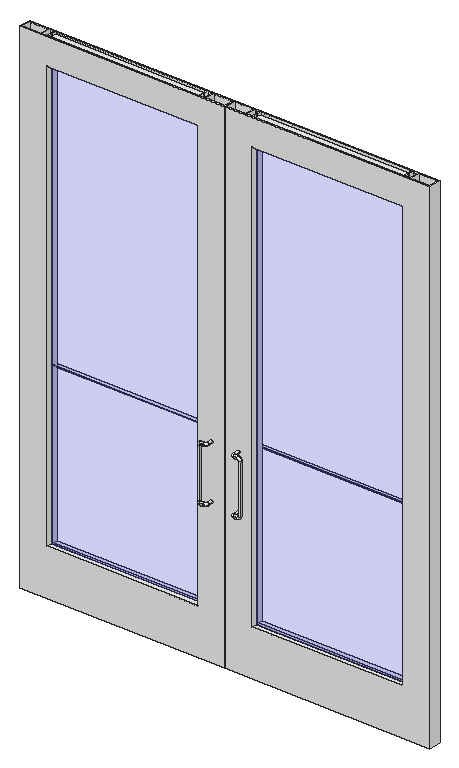
Revit family "kawneer-350_tuffline-pr_20596", category Doors, Revit 2015
Parameters (values of type "Kawneer-350_Tuffline-Pr")
  Width = 5' - 8 1/2"
  Water - static (ASTM E 331) = ""
  Type of Glazing = ""
  Thermal transmittance = ""
  Sub Category3 = ""
  Sub Category2 = ""
  Sub Category1 = ""
  Short Description = ""
  Product data url = "https://bimobject.com/kawneerna/product/20595"
  Performance standards = ""
  Panel Inserts Material = Glass
  Overall U-Factor = ""
  Mfr Part Num = ""
  Manufacturer = "Kawneer"
  Keywords = ""
  Hurricane Resistant Tested = ""
  Hinging Types = ""
  Height = 7' - 0"
  Glass capture = ""
  Glass U-Factor = ""
  Glass Installtion = ""
  Function (Interior or Exterior) = ""
  Function = Interior
  Door Panel Width = Width / 2  # 2' - 10 1/4"
  Door Panel Material = Aluminum - ASTM B 221 - 6063-T6 alloy and temper
  Door Hangle Material = Aluminum - ASTM B 221 - 6063-T6 alloy and temper
  Door Hangle Height = 2' - 9 25/256"
  Door Handle Height = 2' - 9 25/256"
  Door Corner Construction = ""
  Design load = ""
  Design Pressure = ""
  Depth = 0' - 2"
  Color = ""
  Cladding Type = ""
  CSI Mastformat Code = ""
  Assembly Code = "B2030110"
  Application = ""
  Air Infiltration (ASTM E 283) = ""
  2-Color Option = ""
Reference planes
  plane 1 "Center (Front/Back)": y = -50
  plane 2: z = 0
  plane 3 "Center (Left/Right)": x = -310.356
  plane 4: x = -1180.306
  plane 5: x = 559.594
  plane 6: y = -24.6
  plane 7: y = -75.4
  plane 8: z = 2133.6
  plane 9: z = 840.68
Dimensions and locks
  equal spacing: plane 4, plane 3 "Center (Left/Right)", plane 5
  equal spacing: plane 6, plane 1 "Center (Front/Back)", plane 7
  "Depth": plane 6 to plane 7
  "Width": plane 4 to plane 5
  "Height": plane 8 to level
  "Door Hangle Height": plane 9 to level
  aligned and locked: plane 5 to nested 1
  aligned and locked: plane 1 "Center (Front/Back)" to nested 1
  aligned and locked: plane 4 to nested 2
  aligned and locked: nested 2 to plane 1 "Center (Front/Back)"
Nested families
  nested 1: "Kawneer-350_Tuffline-Sgl.rf" at (434.975, 0, 0), type "Kawneer-350_Tuffline-Sgl.rf"
    with Width 2' - 10 1/4", Door Handle Width 2' - 5 3/4"
  nested 2: "Kawneer-350_Tuffline-Sgl.rf" at (-1055.687, 0, 0) x (-1, 0, 0) z (0, 0, 1), type "Kawneer-350_Tuffline-Sgl.rf"
    with Width 2' - 10 1/4", Door Handle Width 2' - 5 3/4"
Definition of nested family "Kawneer-350_Tuffline-Sgl.rf"
  Parameters
    Width = 2' - 8"
    Water - static (ASTM E 331) = ""
    Type of Glazing = ""
    Thermal transmittance = ""
    Sub Category3 = ""
    Sub Category2 = ""
    Sub Category1 = ""
    Short Description = ""
    Performance standards = ""
    Panel Inserts Material = none
    Overall U-Factor = ""
    Mfr Part Num = ""
    Manufacturer = "Kawneer"
    Keywords = ""
    Hurricane Resistant Tested = ""
    Hinging Types = ""
    Height = 7' - 0"
    Glass capture = ""
    Glass U-Factor = ""
    Glass Installtion = ""
    Function (Interior or Exterior) = ""
    Door Panel Material = none
    Door Hangle Material = none
    Door Hangle Height = 2' - 9 25/256"
    Door Handle Width = Width - (0' 2 1/4" * 2)  # 2' - 3 1/2"
    Door Corner Construction = ""
    Design load = ""
    Design Pressure = ""
    Depth = 0' - 2"
    Color = ""
    Cladding Type = ""
    CSI Mastformat Code = ""
    Assembly Code = "B2030110"
    Application = ""
    Air Infiltration (ASTM E 283) = ""
    2-Color Option = ""
  Reference planes
    plane 1 "Center (Front/Back)": y = -50
    plane 2: z = 0
    plane 3 "Center (Left/Right)": x = -310.356
    plane 4: x = -716.756
    plane 5: x = 96.044
    plane 6: y = -24.6
    plane 7: y = -75.4
    plane 8: z = 2133.6
    plane 9: z = 840.68
    plane 10: x = -602.456
    plane 11: x = -18.256
    plane 12: x = -659.606
  Forms (mm)
    Sweep 1, solid, material <- "Door Panel Material"
      path origin (0, -50, 0) x (1, 0, 0) y (0, 0, 1)
        loop
          line (-716.756, 2133.6) -> (-716.756, 0)
      profile "TL Side : TL Side" origin (-716.756, -50, 1066.8) x (1, 0, 0) y (0, -1, 0)
        loop
          line (83.9, -20.4) -> (83.9, 20.439) -> (4.961, 20.439) -> (4.961, -20.4) -> (83.9, -20.4)
        loop
          line (114.3, 25.4) -> (0, 25.4) -> (0, -25.4) -> (114.3, -25.4) -> (114.3, -5.418) -> (109.339, -5.418) -> (109.339, -20.4) -> (88.9, -20.4) -> (88.9, 20.4) -> (109.339, 20.4) -> (109.339, 5.418) -> (114.3, 5.418) -> (114.3, 25.4)
    Sweep 2, solid, material <- "Door Panel Material"
      path origin (0, -50, 0) x (1, 0, 0) y (0, 0, 1)
        loop
          line (96.044, 2133.6) -> (96.044, 0)
      profile "TL Side : TL Side" origin (96.044, -50, 1066.8) x (1, 0, 0) y (0, -1, 0)
        loop
          line (-83.9, 20.4) -> (-83.9, -20.439) -> (-4.961, -20.439) -> (-4.961, 20.4) -> (-83.9, 20.4)
        loop
          line (-114.3, -25.4) -> (0, -25.4) -> (0, 25.4) -> (-114.3, 25.4) -> (-114.3, 5.418) -> (-109.339, 5.418) -> (-109.339, 20.4) -> (-88.9, 20.4) -> (-88.9, -20.4) -> (-109.339, -20.4) -> (-109.339, -5.418) -> (-114.3, -5.418) -> (-114.3, -25.4)
    Sweep 3, solid, material <- "Door Panel Material"
      path origin (0, -50, 0) x (1, 0, 0) y (0, 0, 1)
        loop
          line (-602.456, 2133.6) -> (-18.256, 2133.6)
      profile "TL Top : TL Top" origin (-310.356, -50, 2133.6) x (0, 0, 1) y (0, -1, 0)
        loop
          line (-73.225, 20.4) -> (-73.225, -20.439) -> (-15, -20.439) -> (-15, 20.4) -> (-73.225, 20.4)
        loop
          line (-78.225, -20.4) -> (-106.164, -20.4) -> (-106.164, -5.418) -> (-111.125, -5.418) -> (-111.125, -25.4) -> (0, -25.4) -> (0, -20.4) -> (-10, -20.4) -> (-10, 20.4) -> (0, 20.4) -> (0, 25.4) -> (-111.125, 25.4) -> (-111.125, 5.418) -> (-106.164, 5.418) -> (-106.164, 20.4) -> (-78.225, 20.4) -> (-78.225, -20.4)
    Sweep 4, solid, material <- "Door Panel Material"
      path origin (0, -50, 0) x (1, 0, 0) y (0, 0, 1)
        loop
          line (-602.456, 0) -> (-18.256, 0)
      profile "TL Bottom : TL Bottom" origin (-310.356, -50, 0) x (0, 0, 1) y (0, -1, 0)
        loop
          line (158.95, -20.4) -> (158.95, 20.439) -> (15, 20.439) -> (15, -20.4) -> (158.95, -20.4)
        loop
          line (163.95, 20.4) -> (191.889, 20.4) -> (191.889, 5.418) -> (196.85, 5.418) -> (196.85, 25.4) -> (0, 25.4) -> (0, 20.4) -> (10, 20.4) -> (10, -20.4) -> (0, -20.4) -> (0, -25.4) -> (196.85, -25.4) -> (196.85, -5.418) -> (191.889, -5.418) -> (191.889, -20.4) -> (163.95, -20.4) -> (163.95, 20.4)
    Extrusion 5, solid, material <- "Panel Inserts Material"
      sketch origin (0, 0, 0) x (1, 0, 0) y (0, 1, 0)
        loop
          line (-607.417, -44.582) -> (-607.417, -55.418) -> (-13.295, -55.418) -> (-13.295, -44.582) -> (-607.417, -44.582)
      from 191.889 to 2027.436
  Cuts and joins
    joined: Sweep 1, Sweep 2, Sweep 3, Sweep 4
  Dimensions and locks
    equal spacing: plane 4, plane 3 "Center (Left/Right)", plane 5
    equal spacing: plane 6, plane 1 "Center (Front/Back)", plane 7
    "Depth": plane 6 to plane 7
    "Width": plane 4 to plane 5
    "Height": plane 8 to level
    "Door Hangle Height": plane 9 to level
    locked: plane 4 to plane 10 at 114.3
    locked: plane 11 to plane 5 at 114.3
    locked: plane 4 to plane 12 at 57.15
    aligned and locked: plane 8 to Sweep 1 sketch curve
    aligned and locked: level to Sweep 1 sketch curve
    aligned and locked: plane 8 to Sweep 2 sketch curve
    aligned and locked: level to Sweep 2 sketch curve
    aligned and locked: plane 10 to Sweep 3 sketch curve
    aligned and locked: plane 11 to Sweep 3 sketch curve
    aligned and locked: plane 10 to Sweep 4 sketch curve
    aligned and locked: plane 11 to Sweep 4 sketch curve
    aligned and locked: plane 7 to nested 1
    aligned and locked: plane 12 to nested 1
    aligned and locked: plane 9 to nested 1
    aligned and locked: nested 2 to plane 6
    aligned and locked: nested 2 to plane 12
    aligned and locked: nested 2 to plane 9
    aligned and locked: Extrusion 5 sketch curve to cut or joined group of Sweep 1, Sweep 2, Sweep 3, Sweep 4  (x2)
    aligned and locked: cut or joined group of Sweep 1, Sweep 2, Sweep 3, Sweep 4 to Extrusion 5 sketch curve  (x2)
    aligned and locked: cut or joined group of Sweep 1, Sweep 2, Sweep 3, Sweep 4 to Extrusion 5  (x2)
  Automatic sketch dimensions
    Sweep 1 sketch curve to plane 4 = 0' - 0"
    Sweep 2 sketch curve to plane 5 = 0' - 0"
    Sweep 3 sketch curve to plane 8 = 0' - 0"
    Sweep 4 sketch curve to level = 0' - 0"
  Nested families
    nested 1: "Style CO 9 Pull" at (-697.641, -75.4, 612.08), type "Style CO 9 Pull"
    nested 2: "Style CP II Push Bar" at (-260.356, -24.6, 840.68), type "Style CP II Push Bar"
      with Width 2' - 3 1/2"
  Definition of nested family "Style CO 9 Pull"
    Parameters
      Width = 0' - 1.1811"
      Height = 0' - 9"
      Hangle Material = none
      Depth = 0' - 1.1811"
    Reference planes
      plane 1 "Center (Front/Back)": y = 0
      plane 2: z = 0
      plane 3 "Center (Left/Right)": x = 53.034
      plane 4: y = -30
      plane 5: x = 38.034
      plane 6: x = 68.034
      plane 7: x = 46.034
      plane 8 "Top": z = 228.6
      plane 9: x = 60.034
      plane 10: z = 220.6
      plane 11: z = 8
    Forms (mm)
      Sweep 1, solid, material <- "Hangle Material"
        path origin (0, 0, 0) x (1, 0, 0) y (0, 1, 0)
          loop
            line (38.034, 0) -> (38.034, -23)
            arc (38.034, -23) -> (40.085, -27.95) -> (45.034, -30) r 7
            line (45.034, -30) -> (60.034, -30)
        profile origin (38.034, -11.5, 0) x (1, 0, 0) y (0, 0, 1)
          loop
            circle (0, 0) r 5
      Sweep 2, solid, material <- "Hangle Material"
        path origin (0, 0, 228.6) x (-1, 0, 0) y (0, -1, 0)
          loop
            line (-38.034, 0) -> (-38.034, 23)
            arc (-38.034, 23) -> (-40.085, 27.95) -> (-45.034, 30) r 7
            line (-45.034, 30) -> (-60.034, 30)
        profile origin (38.034, -11.5, 228.6) x (1, 0, 0) y (0, 0, 1)
          loop
            circle (0, 0) r 5
      Sweep 3, solid, material <- "Hangle Material"
        path origin (-1540.712, -30, 1200) x (-1, 0, 0) y (0, 0, 1)
          loop
            arc (-1600.747, -1200) -> (-1606.404, -1197.657) -> (-1608.747, -1192) r 8
            line (-1608.747, -1192) -> (-1608.747, -979.4)
            arc (-1608.747, -979.4) -> (-1606.404, -973.743) -> (-1600.747, -971.4) r 8
        profile origin (68.034, -30, 114.3) x (1, 0, 0) y (0, 1, 0)
          loop
            circle (0, 0) r 5
    Cuts and joins
      joined: Sweep 1, Sweep 2, Sweep 3
    Dimensions and locks
      "Depth": plane 4 to plane 1 "Center (Front/Back)"
      equal spacing: plane 5, plane 3 "Center (Left/Right)", plane 6
      locked: plane 5 to plane 7 at 8
      "Width": plane 5 to plane 6
      "Height": plane 8 "Top" to level
      locked: plane 9 to plane 6 at 8
      locked: level to plane 11 at 8
      locked: plane 10 to plane 8 "Top" at 8
      aligned and locked: Sweep 1 sketch curve to plane 5
      aligned and locked: Sweep 1 sketch curve to plane 4
      aligned and locked: plane 1 "Center (Front/Back)" to Sweep 1 sketch curve
      aligned and locked: plane 9 to Sweep 1 sketch curve
      aligned and locked: Sweep 2 sketch curve to plane 5
      aligned and locked: Sweep 2 sketch curve to plane 4
      aligned and locked: plane 1 "Center (Front/Back)" to Sweep 2 sketch curve
      aligned and locked: plane 9 to Sweep 2 sketch curve
      aligned and locked: plane 6 to Sweep 3 sketch curve  (x2)
      aligned and locked: plane 10 to Sweep 3 sketch curve
      aligned and locked: plane 11 to Sweep 3 sketch curve
      aligned and locked: plane 9 to Sweep 3 sketch curve  (x2)
      aligned and locked: plane 8 "Top" to Sweep 3 sketch curve
      aligned and locked: level to Sweep 3 sketch curve
      aligned and locked: plane 4 to Sweep 3 sketch curve
    Automatic sketch dimensions
      Sweep 1 sketch curve to plane 7 = 0' - 0.03937"
      Sweep 1 sketch curve to level = 0' - 0"
      Sweep 1 sketch curve to profile plane = 0' - 0"
      Sweep 2 sketch curve to plane 7 = 0' - 0.03937"
      Sweep 2 sketch curve to plane 8 "Top" = 0' - 0"
      Sweep 2 sketch curve to profile plane = 0' - 0"
      radius of Sweep 1 sketch curve = 0' - 0.19685"
      radius of Sweep 2 sketch curve = 0' - 0.19685"
      radius of Sweep 3 sketch curve = 0' - 0.19685"
  Definition of nested family "Style CP II Push Bar"
    Parameters
      Width = 2' - 4"
      Hangle Material = none
      Depth = 0' - 1.1811"
    Reference planes
      plane 1 "Center (Front/Back)": y = 0
      plane 2: z = 0
      plane 3 "Center (Left/Right)": x = -50
      plane 4: x = -405.6
      plane 5: x = 305.6
      plane 6: y = -30
      plane 7: z = 0
    Forms (mm)
      Sweep 1, solid, material <- "Hangle Material"
        path origin (0, 0, 0) x (1, 0, 0) y (0, 1, 0)
          loop
            line (-405.6, 0) -> (-405.6, -15)
            arc (-405.6, -15) -> (-401.207, -25.607) -> (-390.6, -30) r 15
            line (-390.6, -30) -> (290.6, -30)
            arc (290.6, -30) -> (301.207, -25.607) -> (305.6, -15) r 15
            line (305.6, -15) -> (305.6, 0)
        profile origin (-50, -30, 0) x (0, 1, 0) y (0, 0, 1)
          loop
            circle (0, 0) r 5
    Dimensions and locks
      "Depth": plane 6 to plane 1 "Center (Front/Back)"
      equal spacing: plane 4, plane 3 "Center (Left/Right)", plane 5
      "Width": plane 4 to plane 5
      aligned and locked: Sweep 1 sketch curve to plane 5
      aligned and locked: plane 1 "Center (Front/Back)" to Sweep 1 sketch curve  (x2)
      aligned and locked: Sweep 1 sketch curve to plane 4
      aligned and locked: level to plane 7
    Automatic sketch dimensions
      Sweep 1 sketch curve to level = 0' - 0"
      Sweep 1 sketch curve to profile plane = 0' - 0"
      Sweep 1 sketch curve to plane 6 = 0' - 0"
      plane 4 to Sweep 1 sketch curve = 0' - 0.59055"
      plane 1 "Center (Front/Back)" to Sweep 1 sketch curve = 0' - 0.59055"
      radius of Sweep 1 sketch curve = 0' - 0.19685"
